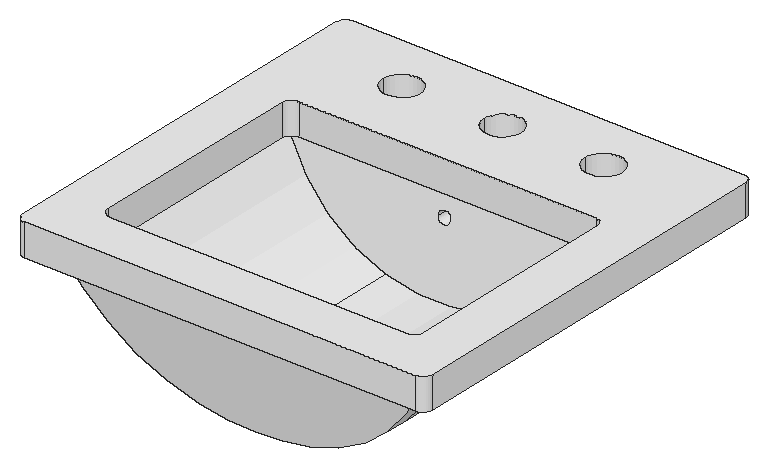
Revit family "Basin-Countertop-American_Standard-Studio-0642_Series", category Plumbing Fixtures, Revit 2019
Family settings
  Round Connector Dimension = Use Radius
  Part Type = Normal
  OmniClass Number = 23.45.05.14.14
  OmniClass Title = Sinks/Lavatories
  Work Plane-Based = Yes
  Always vertical = No
  Cut with Voids When Loaded = Yes
  Shared = Yes
  Room Calculation Point = No
Parameters (values of type "0642.008.020")
  Width = 16 1/4"
  Waste Connection Radius = 5/8"
  Waste Connection Height = 19 1/2"
  Waste Connection Diameter = Waste Connection Radius * 2  # 1 1/4"
  Waste Connection = yes
  WFU = 2
  Vent Connection = no
  URL = "https://www.americanstandard.ca/"
  Symbolic 1 Lines = yes
  Revised Date = "02/17/2022"  # constant formula
  Product Page URL = "https://www.americanstandard.ca/Countertop-Bathroom-Sinks/Studio-Carre-Drop-In-Sink-With-8-Inch-Widespread/WHITE-0642008020"
  Product Documentation Link = "https://americanstandard.box.com/shared/static/8qr8cmbsyw0v2xa2l9gum3yal44brrvk.pdf"
  Price = "Prices may vary. Please consult Manufacturer Representative for most up-to-date price list."  # constant formula
  Model = "0642.008.020"
  Material = Vitreous China-American Standard-020-White
  Manufacturer = "American Standard"
  Length = 16 1/4"
  Installation Type = "Countertop"
  Hot Water Connection Width = 4"
  Hot Water Connection Radius = 1/4"
  Hot Water Connection Height = 21 1/4"
  Hot Water Connection Diameter = Hot Water Connection Radius * 2  # 1/2"
  Hole Punch Location = 8"
  Height = 6 3/4"
  HWFU = 1.5
  HW Connection = yes
  Finished Wall to Basin Constraint = 2"
  Finished Wall to Basin = if(Finished Wall to Basin Constraint < 2", 2", Finished Wall to Basin Constraint)  # 2"
  Finish = Vitreous China-American Standard-020-White
  Description = "Studio Carré Countertop Sink. 8\" centers."
  Default Elevation = 34"
  Creation Date = "26/04/2010"  # constant formula
  Cold Water Connection Width = 4"
  Cold Water Connection Radius = 1/4"
  Cold Water Connection Height = Hot Water Connection Height  # 21 1/4"
  Cold Water Connection Diameter = Cold Water Connection Radius * 2  # 1/2"
  CWFU = 1.5
  CW Connection = yes
  Basin Shape = "Oval"
  Assembly Code = "D2010310"
  ADA Compliant = yes
Types (3): name | Symbolic 1 Lines | Product Page URL | Product Documentation Link | Model | Hole Punch Location | Description
  (no name) | yes | "https://www.americanstandard.ca/Countertop-Bathroom-Sinks/Studio-Carre-Drop-In-Sink-With-8-Inch-Widespread/WHITE-0642008020" | "https://americanstandard.box.com/shared/static/8qr8cmbsyw0v2xa2l9gum3yal44brrvk.pdf" | "0642.008.020" | 8" | "Studio Carré Countertop Sink. 8\" centers."
  0642.008.020 | yes | "https://www.americanstandard.ca/Countertop-Bathroom-Sinks/Studio-Carre-Drop-In-Sink-With-8-Inch-Widespread/WHITE-0642008020" | "https://americanstandard.box.com/shared/static/8qr8cmbsyw0v2xa2l9gum3yal44brrvk.pdf" | "0642.008.020" | 8" | "Studio Carré Countertop Sink. 8\" centers."
  0642.001.020 | no | "https://www.americanstandard.ca/Countertop-Bathroom-Sinks/Studio-Carre-Drop-In-Sink-With-Center-Hole-Only/WHITE-0642001020" | "https://americanstandard.box.com/shared/static/qvjcj898m8z12p15cow0yivpd12oopv8.pdf" | "0642.001.020" | 24" | "Studio Carré Countertop Sink. Center hole only."
Reference planes (in)
  plane 1 "Center (Front/Back)": y = 0
  plane 2: z = 0
  plane 3 "Center (Left/Right)": x = 0
  plane 4: z = -11.5
  plane 5: z = -13.25
  plane 6: x = 4
  plane 7: x = -4
  plane 8 "Floor Finish": z = -32.75
  plane 9: y = -4.25
  plane 10: y = -7.75
  plane 11: z = -5.5
  plane 12: y = -2
  plane 13: y = -11.75
  plane 14: y = -18.25
  plane 15: x = 8.125
  plane 16: x = -8.125
  plane 17: z = 1.25
  plane 18: z = -0.75
  plane 19: y = -16.375
  plane 20: y = -7
  plane 21: x = -6.25
  plane 22: x = 6.25
  plane 23: z = -3.5
  plane 24: z = -4.24993
  plane 25: x = -4
  plane 26: x = 4
  plane 27 "Finished Wall": y = 0
Forms (in)
  Extrusion 1, void
    sketch origin (0, -0.2971, 0.00001) x (1, 0, 0) y (0, 1, 0)
      loop
        circle (0, -3.9529) r 0.75
      loop
        circle (-4, -3.9529) r 0.75
      loop
        circle (4, -3.9529) r 0.75
    from 0 to 2.24999
  Extrusion 2, solid, material "Vitreous China-American Standard-020-White" <- "Finish", not visible
    sketch origin (0, 0, 0) x (-1, 0, 0) y (0, 0, 1)
      loop
        circle (4, -11.5) r 0.25
      loop
        circle (-4, -11.5) r 0.25
      loop
        circle (0, -13.25) r 0.625
    from 0 to 0.0625
  Extrusion 3, solid, material "Vitreous China-American Standard-020-White" <- "Finish"
    sketch origin (0, 0, 0) x (1, 0, 0) y (0, 1, 0)
      loop
        arc (-7.75, -2) -> (-8.01517, -2.10983) -> (-8.125, -2.375) r 0.375
        line (-8.125, -2.375) -> (-8.125, -17.875)
        arc (-8.125, -17.875) -> (-8.01517, -18.14017) -> (-7.75, -18.25) r 0.375
        line (-7.75, -18.25) -> (7.75, -18.25)
        arc (7.75, -18.25) -> (8.01517, -18.14017) -> (8.125, -17.875) r 0.375
        line (8.125, -17.875) -> (8.125, -2.375)
        arc (8.125, -2.375) -> (8.01517, -2.10983) -> (7.75, -2) r 0.375
        line (7.75, -2) -> (-7.75, -2)
      loop
        arc (-5.875, -7) -> (-6.14017, -7.10983) -> (-6.25, -7.375) r 0.375
        line (-6.25, -7.375) -> (-6.25, -16)
        arc (-6.25, -16) -> (-6.14017, -16.26517) -> (-5.875, -16.375) r 0.375
        line (-5.875, -16.375) -> (5.875, -16.375)
        arc (5.875, -16.375) -> (6.14017, -16.26517) -> (6.25, -16) r 0.375
        line (6.25, -16) -> (6.25, -7.375)
        arc (6.25, -7.375) -> (6.14017, -7.10983) -> (5.875, -7) r 0.375
        line (5.875, -7) -> (-5.875, -7)
    from 0 to 1.25
  Extrusion 4, solid, material "Vitreous China-American Standard-020-White" <- "Finish"
    sketch origin (0, 0, 0) x (1, 0, 0) y (0, 0, 1)
      loop
        arc (-2, -3.25) -> (-4.45797, -2.06042) -> (-6.25, 0) r 6.80187
        line (-6.25, 0) -> (-7.09795, 0)
        arc (-7.09795, 0) -> (-5.07738, -2.52728) -> (-2.18456, -3.97694) r 7.55187
        arc (-2.18456, -3.97694) -> (0, -4.24993) -> (2.18456, -3.97694) r 8.8773
        arc (2.18456, -3.97694) -> (5.07738, -2.52728) -> (7.09795, 0) r 7.55187
        line (7.09795, 0) -> (6.25, 0)
        arc (6.25, 0) -> (4.45797, -2.06042) -> (2, -3.25) r 6.80187
        arc (2, -3.25) -> (0, -3.49993) -> (-2, -3.25) r 8.1273
    from 7 to 16.375
  Extrusion 5, solid, material "Vitreous China-American Standard-020-White" <- "Finish"
    sketch origin (0, 0, 0) x (0, 1, 0) y (0, 0, 1)
      loop
        line (-7, 0) -> (-7.75, -4.24993) -> (-7, -4.24993) -> (-6.25, 0) -> (-7, 0)
      loop
        line (-16.375, 0) -> (-17.25, 0) -> (-16.5, -4.24993) -> (-15.625, -4.24993) -> (-16.375, 0)
    from -7.09795 to 7.09795
  Extrusion 6, void
    sketch origin (0, -22.5, 0) x (1, 0, 0) y (0, 0, 1)
      loop
        arc (-2.18456, -3.97694) -> (-5.07738, -2.52728) -> (-7.09795, 0) r 7.55187
        line (-7.09795, 0) -> (-8.125, 0) -> (-8.125, -5.5) -> (8.125, -5.5) -> (8.125, 0) -> (7.09795, 0)
        arc (7.09795, 0) -> (5.07738, -2.52728) -> (2.18456, -3.97694) r 7.55187
        arc (2.18456, -3.97694) -> (0, -4.24993) -> (-2.18456, -3.97694) r 8.8773
    from -20.5 to -4.25
  Revolve 7, solid, material "Vitreous China-American Standard-020-White" <- "Finish"
    sketch origin (0, -11.75, 0) x (1, 0, 0) y (0, 0, 1)
      loop
        line (-1.64008, -3.5) -> (-1.43161, -5.19784)
        arc (-1.43161, -5.19784) -> (-1.31808, -5.41362) -> (-1.09008, -5.5) r 0.3441
        line (-1.09008, -5.5) -> (-0.625, -5.5) -> (-0.625, -3.5) -> (-1.64008, -3.5)
      axis (0, -3.5) -> (0, -5.5)
    angle from 0 to 360
  Extrusion 8, void
    sketch origin (0, 0, 0) x (1, 0, 0) y (0, 1, 0)
      loop
        circle (0, -11.75) r 0.625
    from -6.01355 to 1.25
  Sweep 9, solid, material "Vitreous China-American Standard-020-White" <- "Finish"
    path origin (0, 0, 0) x (0, 1, 0) y (0, 0, 1)
      loop
        line (-6.25, 0.65821) -> (-6.25, 0.25265)
        arc (-6.25, 0.25265) -> (-6.261, 0.00096) -> (-6.29391, -0.24881) r 2.88547
        line (-6.29391, -0.24881) -> (-6.96355, -4.04337)
        arc (-6.96355, -4.04337) -> (-7.04906, -4.19145) -> (-7.20974, -4.24993) r 0.25
        line (-7.20974, -4.24993) -> (-12.08898, -4.24993)
    profile origin (0, -9.64936, -4.24993) x (0, 0, -1) y (1, 0, 0)
      loop
        line (-0.14358, 1.27253) -> (-0.14358, -1.28034) -> (0.98445, -1.28034)
        arc (0.98445, -1.28034) -> (1.16122, -1.20712) -> (1.23445, -1.03034) r 0.25
        line (1.23445, -1.03034) -> (1.23445, 1.02253)
        arc (1.23445, 1.02253) -> (1.16122, 1.19931) -> (0.98445, 1.27253) r 0.25
        line (0.98445, 1.27253) -> (-0.14358, 1.27253)
  Extrusion 10, void
    sketch origin (0, 0, 0) x (1, 0, 0) y (0, 0, 1)
      loop
        circle (0, -0.75) r 0.25
    from 5.43705 to 8.73733
  Extrusion 11, void
    sketch origin (0, 0, 0) x (1, 0, 0) y (0, 0, 1)
      loop
        line (-8.125, 0) -> (-8.125, -5.5) -> (8.125, -5.5) -> (8.125, 0) -> (-8.125, 0)
    from 5.00113 to 17.2745
Cuts and joins
  Extrusion 1, Extrusion 8, Extrusion 10 cuts Extrusion 3
  Extrusion 8, Extrusion 10 cuts Extrusion 4
  Extrusion 6, Extrusion 8, Extrusion 10 cuts Extrusion 5
  Extrusion 8, Extrusion 10 cuts Revolve 7
  Extrusion 8, Extrusion 10 cuts Sweep 9
  joined: Extrusion 3, Extrusion 4, Extrusion 5, Revolve 7, Sweep 9
Lines and regions (in)
  Masking region 1
    outline origin (0, 0, 0) x (1, 0, 0) y (0, 1, 0)
      loop
        line (-8.125, -2.375) -> (-8.125, -17.875)
        arc (-8.125, -17.875) -> (-8.01517, -18.14017) -> (-7.75, -18.25) r 0.375
        line (-7.75, -18.25) -> (7.75, -18.25)
        arc (7.75, -18.25) -> (8.01517, -18.14017) -> (8.125, -17.875) r 0.375
        line (8.125, -17.875) -> (8.125, -2.375)
        arc (8.125, -2.375) -> (8.01517, -2.10983) -> (7.75, -2) r 0.375
        line (7.75, -2) -> (-7.75, -2)
        arc (-7.75, -2) -> (-8.01517, -2.10983) -> (-8.125, -2.375) r 0.375
  Masking region 2
    outline origin (0, 0, 0) x (0, 1, 0) y (0, 0, 1)
      loop
        line (-2, 1.25029) -> (-18.25005, 1.25029) -> (-18.25005, 0.00029) -> (-17.25005, 0.00029) -> (-16.5, -4.24993) -> (-13.3043, -4.24993) -> (-13.18739, -5.20209)
        arc (-13.18739, -5.20209) -> (-13.07547, -5.41483) -> (-12.85067, -5.5) r 0.33925
        line (-12.85067, -5.5) -> (-6.42475, -5.5)
        arc (-6.42475, -5.5) -> (-6.07624, -5.37315) -> (-5.8908, -5.05196) r 0.54219
        line (-5.8908, -5.05196) -> (-5, 0) -> (-2, 0) -> (-2, 1.25029)
  Masking region 3
    outline origin (-208.62904, 0, -227.93623) x (1, 0, 0) y (0, 0, 1)
      loop
        arc (201.53108, 227.93623) -> (203.80295, 225.21513) -> (207.06397, 223.82535) r 7.57626
        line (207.06397, 223.82535) -> (207.20758, 222.65576)
        arc (207.20758, 222.65576) -> (207.29006, 222.49899) -> (207.45571, 222.43623) r 0.25
        line (207.45571, 222.43623) -> (209.80236, 222.43623)
        arc (209.80236, 222.43623) -> (209.96802, 222.49899) -> (210.0505, 222.65576) r 0.25
        line (210.0505, 222.65576) -> (210.19411, 223.82535)
        arc (210.19411, 223.82535) -> (213.45513, 225.21513) -> (215.72699, 227.93623) r 7.57626
        line (215.72699, 227.93623) -> (216.75404, 227.93623) -> (216.75404, 229.18623) -> (200.50404, 229.18623) -> (200.50404, 227.93623) -> (201.53108, 227.93623)
  symbolic lines, style "PlumbingFixtures", visible <- "Symbolic 1 Lines", detail levels medium+fine
    curve 1: circle (-4, -4.22932, 0) r 0.75 normal (0, 0, -1)
    curve 2: circle (4, -4.22932, 0) r 0.75 normal (0, 0, 1)
  symbolic lines, style "PlumbingFixtures", detail levels medium+fine
    curve 3: circle (0, -4.22932, 0) r 0.75 normal (0, 0, 1)
    curve 4: line (-7.09795, 0, 0) -> (7.09795, 0, 0)
    curve 5: line (-6.25, -16, 0) -> (-6.25, -7.375, 0)
    curve 6: arc (-6.25, -7.375, 0) -> (-6.14017, -7.10983, 0) -> (-5.875, -7, 0) r 0.375
    curve 7: line (-5.875, -7, 0) -> (5.875, -7, 0)
    curve 8: arc (5.875, -7, 0) -> (6.14017, -7.10983, 0) -> (6.25, -7.375, 0) r 0.375
    curve 9: line (6.25, -7.375, 0) -> (6.25, -16, 0)
    curve 10: arc (6.25, -16, 0) -> (6.14017, -16.26517, 0) -> (5.875, -16.375, 0) r 0.375
    curve 11: line (5.875, -16.375, 0) -> (-5.875, -16.375, 0)
    curve 12: arc (-5.875, -16.375, 0) -> (-6.14017, -16.26517, 0) -> (-6.25, -16, 0) r 0.375
    curve 20: line (0, -5, 0) -> (0, -17.25, 0)
  symbolic lines, style "PlumbingFixtures", detail levels fine
    curve 13: circle (0, -11.75, 0) r 0.625 normal (0, 0, 1)
    curve 14: arc (-0.23679, -7.11921, 0) -> (-0.00285, -7.08652, 0) -> (0.23106, -7.11942, 0) r 0.85074
    curve 15: arc (0.23093, -7.1521, 0) -> (-0.00324, -7.18311, 0) -> (-0.23691, -7.14854, 0) r 0.85074
    curve 16: arc (-0.23691, -7.14854, 0) -> (-0.24787, -7.13383, 0) -> (-0.23679, -7.11921, 0) r 0.01527
    curve 17: arc (0.23106, -7.11942, 0) -> (0.24336, -7.13581, 0) -> (0.23093, -7.1521, 0) r 0.01698
    curve 18: arc (-6.04516, -7.04083, 0) -> (0.00012, -7.62919, 0) -> (6.04541, -7.04095, 0) r 31.35444
    curve 19: arc (-6.09149, -16.3062, 0) -> (0.00009, -15.7087, 0) -> (6.09168, -16.30606, 0) r 31.35444
    curve 21: line (0, -6.25, 0) -> (0, -6.98382, -4.15825)
    curve 22: line (0, -6.98382, -4.15825) -> (0, -10.84892, -4.15825)
    curve 23: arc (0, -10.84892, -4.15825) -> (0, -12.08052, -4.09958) -> (0, -13.3043, -4.24993) r 7.26863
    curve 24: arc (0, -10.84892, -4.15825) -> (0, -10.99415, -4.85866) -> (0, -11.31093, -5.5) r 2.82022
    curve 25: arc (-1.56507, 0, -4.11915) -> (0, 0, -4.24993) -> (1.56507, 0, -4.11915) r 9.43002
Dimensions and locks (in)
  plane 1 "Center (Front/Back)" to plane 10 = 7 3/4"
  "Hot Water Connection Width": plane 7 to plane 3 "Center (Left/Right)"
  "Cold Water Connection Width": plane 6 to plane 3 "Center (Left/Right)"
  plane 7 to plane 6 = 8"
  plane 12 to plane 13 = 9 3/4"
  plane 14 to plane 1 "Center (Front/Back)" = 18 1/4"
  "Width": plane 16 to plane 15
  plane 12 to plane 9 = 2 1/4"
  "Height": plane 17 to plane 11
  locked: plane 17 to plane 8 "Floor Finish" at 34
  "Hot Water Connection Height": plane 4 to plane 8 "Floor Finish"
  plane 12 to plane 14 = 16 1/4"
  locked: plane 20 to plane 19 at 9.375
  plane 21 to plane 22 = 12 1/2"
  plane 17 to plane 23 = 4 3/4"
  "Hole Punch Location": plane 25 to plane 26
  equal spacing: plane 25, plane 3 "Center (Left/Right)", plane 26
  level to plane 5 = 13 1/4"
  Extrusion 3 sketch curve to Extrusion 3 sketch curve to Extrusion 3 sketch curve to Extrusion 3 sketch curve to plane 3 "Center (Left/Right)" to Extrusion 3 sketch curve to Extrusion 3 sketch curve to Extrusion 3 sketch curve to Extrusion 3 sketch curve = 0" locked, 1 7/8" locked, 0" locked, 5 7/8" locked, 5 7/8" locked, 0" locked, 1 7/8" locked, 0" locked
  Extrusion 3 sketch curve to Extrusion 3 sketch curve to Extrusion 3 sketch curve to Extrusion 3 sketch curve to Extrusion 3 sketch curve to Extrusion 3 sketch curve to Extrusion 3 sketch curve to Extrusion 3 sketch curve to plane 1 "Center (Front/Back)" = 0" locked, 1 7/8" locked, 0" locked, 8 5/8" locked, 0" locked, 5" locked, 0" locked, 2 3/8" locked
  Extrusion 6 sketch curve to plane 3 "Center (Left/Right)" to Extrusion 6 sketch curve = 0.32617" locked, 0.32617" locked
  Extrusion 6 sketch curve to Extrusion 6 sketch curve to Extrusion 6 sketch curve to level = 1.28466" locked, 0" locked, 3.34271" locked
  plane 1 "Center (Front/Back)" to Extrusion 5 sketch curve to Extrusion 5 sketch curve to Extrusion 5 sketch curve to Extrusion 5 sketch curve to Extrusion 5 sketch curve to Extrusion 5 sketch curve to Extrusion 5 sketch curve to Extrusion 5 sketch curve = 6 1/4" locked, 3/4" locked, 0" locked, 3/4" locked, 7 7/8" locked, 3/4" locked, 1/8" locked, 3/4" locked
  Extrusion 4 sketch curve to Extrusion 4 sketch curve to Extrusion 4 sketch curve to Extrusion 4 sketch curve to Extrusion 4 sketch curve to Extrusion 4 sketch curve to level = 0" locked, 1.28466" locked, 0" locked, 0" locked, 0" locked, 3.34271" locked
  Extrusion 4 sketch curve to Extrusion 4 sketch curve to plane 3 "Center (Left/Right)" to Extrusion 4 sketch curve to Extrusion 4 sketch curve = 0" locked, 0.32617" locked, 0.32617" locked, 0" locked
  Sweep 9 sketch curve to Sweep 9 sketch curve to plane 3 "Center (Left/Right)" to Sweep 9 sketch curve to Sweep 9 sketch curve = 1/4" locked, 1.02253" locked, 1.03034" locked, 1/4" locked
  level to Sweep 9 sketch curve to Sweep 9 sketch curve to Sweep 9 sketch curve to Sweep 9 sketch curve = 4.10635" locked, 1.12803" locked, 0" locked, 1/4" locked
  plane 1 "Center (Front/Back)" to Sweep 9 sketch curve to Sweep 9 sketch curve to Sweep 9 sketch curve to Sweep 9 sketch curve to Sweep 9 sketch curve = 6 1/4" locked, 0.04391" locked, 0.66964" locked, 0.2462" locked, 1.92573" locked
  level to Sweep 9 sketch curve to Sweep 9 sketch curve to Sweep 9 sketch curve = 0.24881" locked, 3.79457" locked, 0.20655" locked
  plane 3 "Center (Left/Right)" to Revolve 7 sketch curve to Revolve 7 sketch curve to Revolve 7 sketch curve to Revolve 7 sketch curve = 5/8" locked, 0.46508" locked, 0.34153" locked, 0.20847" locked
  locked: level to Revolve 7 sketch curve at 5.1559
  "Waste Connection Height": plane 5 to plane 8 "Floor Finish"
  "Finished Wall to Basin": plane 27 "Finished Wall" to plane 12
  aligned and locked: plane 9 to Extrusion 1 sketch curve  (x3)
  aligned and locked: Extrusion 3 sketch curve to plane 20
  aligned and locked: Extrusion 3 sketch curve to plane 22
  aligned and locked: plane 25 to Extrusion 1 sketch curve
  aligned and locked: plane 26 to Extrusion 1 sketch curve
  aligned and locked: plane 25 to curve 1
  aligned and locked: plane 26 to curve 2
  aligned and locked: Extrusion 3 sketch curve to plane 16
  aligned and locked: plane 14 to Extrusion 3 sketch curve
  aligned and locked: Extrusion 3 sketch curve to plane 15
  aligned and locked: Extrusion 3 sketch curve to plane 12
  aligned and locked: Extrusion 3 sketch curve to plane 21
  aligned and locked: plane 19 to Extrusion 3 sketch curve
  aligned and locked: plane 3 "Center (Left/Right)" to Extrusion 1 sketch curve
  aligned and locked: plane 3 "Center (Left/Right)" to Extrusion 6 sketch curve
  aligned and locked: plane 16 to Extrusion 6 sketch curve
  aligned and locked: Extrusion 6 sketch curve to plane 11
  aligned and locked: plane 15 to Extrusion 6 sketch curve
  aligned and locked: level to Extrusion 6 sketch curve  (x2)
  aligned and locked: Extrusion 5 sketch curve to level
  aligned and locked: level to Extrusion 5 sketch curve
  aligned and locked: plane 24 to Extrusion 5 sketch curve
  aligned and locked: Extrusion 5 sketch curve to plane 24
  aligned and locked: plane 13 to Extrusion 8 sketch curve
  aligned and locked: plane 3 "Center (Left/Right)" to Extrusion 8 sketch curve
  aligned and locked: level to Extrusion 4 sketch curve
  aligned and locked: Extrusion 4 sketch curve to level
  aligned and locked: plane 3 "Center (Left/Right)" to Extrusion 4 sketch curve  (x2)
  aligned and locked: plane 18 to Extrusion 10 sketch curve
  aligned and locked: plane 3 "Center (Left/Right)" to Extrusion 10 sketch curve
  aligned and locked: plane 23 to Revolve 7 sketch curve
  aligned and locked: Revolve 7 sketch curve to plane 11
  aligned and locked: Revolve 7 sketch curve to plane 3 "Center (Left/Right)"
  aligned and locked: plane 4 to Extrusion 2 sketch curve  (x2)
  aligned and locked: plane 5 to Extrusion 2 sketch curve
  aligned and locked: plane 7 to Extrusion 2 sketch curve
  aligned and locked: plane 6 to Extrusion 2 sketch curve
  aligned and locked: plane 3 "Center (Left/Right)" to Extrusion 2 sketch curve
Automatic sketch dimensions
  curve 6 to plane 21 = 0"
  curve 6 to plane 20 = 0"
  curve 12 to plane 19 = 0"
  curve 13 to plane 3 "Center (Left/Right)" = 0"
  curve 10 to plane 22 = 0"
  curve 13 to plane 13 = 0"
  plane 19 to curve 19 = 0.0688"
  curve 19 to plane 21 = 0.15851"
  curve 18 to plane 20 = 0.04083"
  curve 18 to plane 21 = 0.20484"
  curve 16 to plane 20 = 0.14854"
  curve 16 to plane 3 "Center (Left/Right)" = 0.23691"
  curve 15 to curve 16 = 0"
  curve 15 to curve 16 = 0.00012"
  curve 14 to curve 16 = 0"
  curve 15 to curve 16 = 0.00431"
  curve 14 to plane 3 "Center (Left/Right)" = 0.00323"
  curve 3 to plane 3 "Center (Left/Right)" = 0"
  plane 3 "Center (Left/Right)" to curve 19 = 0.00044"
  plane 3 "Center (Left/Right)" to curve 18 = 0.00044"
  plane 3 "Center (Left/Right)" to curve 15 = 0.00323"
  plane 3 "Center (Left/Right)" to curve 17 = 0.22639"
  curve 17 to curve 15 = 0.00454"
  curve 17 to curve 15 = 0"
  curve 17 to curve 17 = 0.00468"
  curve 10 to curve 9 = 3/8"
  curve 7 to plane 22 = 3/8"
  curve 19 to plane 14 = 28.81314"
  plane 9 to curve 3 = 0.02068"
  plane 9 to curve 2 = 0.02068"
  plane 9 to curve 1 = 0.02068"
  curve 18 to plane 1 "Center (Front/Back)" = 23.72525"
  curve 20 to level = 0"
  curve 24 to plane 11 = 0"
  curve 20 to plane 19 = 7/8"
  curve 24 to plane 23 = 0.44048"
  curve 24 to plane 13 = 1.91073"
  curve 24 to curve 23 = 0.35642"
  curve 23 to plane 13 = 0.05931"
  plane 13 to curve 24 = 0.43907"
  curve 24 to plane 23 = 0.65825"
  plane 20 to curve 21 = 0.01618"
  plane 20 to curve 21 = 3/4"
  curve 20 to plane 9 = 3/4"
  plane 4 to curve 23 = 0.13685"
  plane 21 to Extrusion 4 sketch curve = 0"
  Extrusion 4 sketch curve to plane 22 = 0"
  Extrusion 4 sketch curve to Extrusion 4 sketch curve = 0"  (x2)
  plane 23 to Extrusion 4 sketch curve = 1/4"
  Extrusion 4 sketch curve to Extrusion 4 sketch curve = 0.18456"
  Extrusion 6 sketch curve to plane 23 = 0.47694"
  Extrusion 6 sketch curve to Extrusion 6 sketch curve = 0"  (x2)
  Revolve 7 sketch curve to plane 11 = 0.66159"
  Revolve 7 sketch curve to Revolve 7 sketch curve = 0.41956"
  Sweep 9 sketch curve to plane 13 = 0.33898"
  Sweep 9 sketch curve to Sweep 9 sketch curve = 0.40556"
  Masking region 1 sketch curve to plane 16 = 0"
  Masking region 1 sketch curve to plane 12 = 0"
  Masking region 1 sketch curve to plane 14 = 0"
  Masking region 1 sketch curve to plane 15 = 0"
  Masking region 1 sketch curve to plane 16 = 3/8"
  plane 14 to Masking region 1 sketch curve = 3/8"  (x2)
  Masking region 1 sketch curve to plane 15 = 3/8"
  Masking region 2 sketch curve to plane 11 = 0"
  Masking region 2 sketch curve to level = 0"
  Masking region 2 sketch curve to plane 12 = 0"
  Masking region 2 sketch curve to plane 9 = 3/4"
  plane 11 to Masking region 2 sketch curve = 0.44804"
  plane 20 to Masking region 2 sketch curve = 1.1092"
  plane 20 to Masking region 2 sketch curve = 0.57525"
  Masking region 2 sketch curve to plane 13 = 1.10067"
  plane 11 to Masking region 2 sketch curve = 0.29791"
  Masking region 2 sketch curve to Masking region 2 sketch curve = 0.33672"
  Masking region 2 sketch curve to plane 23 = 0.74993"
  Masking region 2 sketch curve to Masking region 2 sketch curve = 0.11691"
  Masking region 2 sketch curve to plane 19 = 1/8"
  level to Masking region 2 sketch curve = 0.00029"
  Masking region 2 sketch curve to plane 19 = 0.87505"
  Masking region 2 sketch curve to plane 14 = 0.00005"
  plane 17 to Masking region 2 sketch curve = 0.00029"
  level to Masking region 3 sketch curve = 0"  (x2)
  plane 16 to Masking region 3 sketch curve = 0"
  plane 11 to Masking region 3 sketch curve = 0"
  Masking region 3 sketch curve to plane 15 = 0"
  plane 17 to Masking region 3 sketch curve = 0"
  plane 21 to Masking region 3 sketch curve = 0.84795"
  Masking region 3 sketch curve to plane 23 = 0.61088"
  Masking region 3 sketch curve to plane 3 "Center (Left/Right)" = 1.56507"
  plane 11 to Masking region 3 sketch curve = 0.21953"  (x2)
  Masking region 3 sketch curve to Masking region 3 sketch curve = 0.14361"  (x2)
  Masking region 3 sketch curve to Masking region 3 sketch curve = 0.24814"
  Masking region 3 sketch curve to plane 3 "Center (Left/Right)" = 0.30766"
  plane 3 "Center (Left/Right)" to Masking region 3 sketch curve = 0.30766"
  plane 11 to Masking region 3 sketch curve = 1/4"
  plane 3 "Center (Left/Right)" to Masking region 3 sketch curve = 1.17333"
  plane 22 to Masking region 3 sketch curve = 0.84795"
  Masking region 3 sketch curve to Masking region 3 sketch curve = 1.16959"
  curve 4 to level = 0"
  plane 21 to curve 4 = 0.84795"
  plane 22 to curve 4 = 0.84795"
  curve 25 to curve 25 = 1.56507"
  curve 25 to plane 17 = 5.36915"
  curve 25 to plane 15 = 9.69007"
  curve 25 to curve 25 = 3.13014"
  curve 25 to curve 25 = 9.29924"
  plane 16 to Extrusion 11 sketch curve = 0"
  Extrusion 11 sketch curve to plane 15 = 0"
  level to Extrusion 11 sketch curve = 0"
  Extrusion 11 sketch curve to plane 11 = 0"
  radius of curve 1 = 3/4"
  radius of curve 2 = 3/4"
  radius of curve 3 = 3/4"
  radius of curve 13 = 5/8"
  radius of Extrusion 1 sketch curve = 3/4"  (x3)
  radius of Extrusion 8 sketch curve = 5/8"
  radius of Extrusion 10 sketch curve = 1/4"
  radius of Extrusion 2 sketch curve = 1/4"  (x2)
  radius of Extrusion 2 sketch curve = 5/8"
Connectors (in)
  piping at (-4, 0, -11.5), diameter 0.5, driven by "Hot Water Connection Radius", driven by "HWFU"
    settings: on Extrusion 2, index 1, connector inside diameter 1/2", connector length 0", flow factor 0, pipe flow 0 GPM, pressure drop 0.00 psi, fitting loss kfactor 0, connector angle 0.00°, fixture units 1.5, engagement length 0", angle of deflection 0.00°, flow configuration 3, flow direction 1, fitting loss method 0, system type 19, joint type 0, gender type 0, connector reference index -1, connector utility 0, adjustable connector no, is connector primary yes, connector description "1/2\" HW Inlet Connection"
  piping at (0, 0, -13.25), diameter 1.25, driven by "Waste Connection Radius", driven by "WFU"
    settings: on Extrusion 2, index 2, connector inside diameter 1 1/4", connector length 0", flow factor 0, pipe flow 0 GPM, pressure drop 0.00 psi, fitting loss kfactor 0, connector angle 0.00°, fixture units 2, engagement length 0", angle of deflection 0.00°, flow configuration 3, flow direction 2, fitting loss method 0, system type 16, joint type 0, gender type 0, connector reference index -1, connector utility 0, adjustable connector yes, is connector primary no, connector description "1-1/4\" Sanitary Outlet Connection"
  piping at (4, 0, -11.5), diameter 0.5, driven by "Cold Water Connection Radius", driven by "CWFU"
    settings: on Extrusion 2, index 3, connector inside diameter 1/2", connector length 0", flow factor 0, pipe flow 0 GPM, pressure drop 0.00 psi, fitting loss kfactor 0, connector angle 0.00°, fixture units 1.5, engagement length 0", angle of deflection 0.00°, flow configuration 3, flow direction 1, fitting loss method 0, system type 20, joint type 0, gender type 0, connector reference index -1, connector utility 0, adjustable connector no, is connector primary no, connector description "1/2\" CW Inlet Connection"
